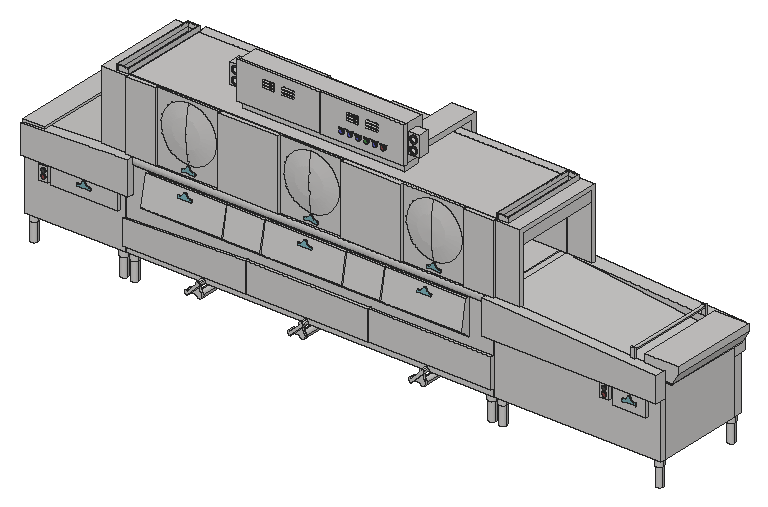
Revit family (continued)
Forms (in)
  Sweep 131, solid, material "QF_Finishes_Stainless Steel", visible <- "Cold Water Aqua Stat"
    path origin (-31.27862, 0, 0) x (0, 1, 0) y (0, 0, 1)
      loop
        line (-15.25, 6) -> (-8.5, 6)
    profile origin (-31.27862, -16.75, 8.25) x (1, 0, 0) y (0, 1, 0)
      loop
        circle (0, 0) r 0.375
      loop
        circle (0, 0) r 0.5
  Sweep 132, solid, material "QF_Finishes_Stainless Steel", visible <- "Cold Water Aqua Stat"
    path origin (146.72138, 0, 0) x (0, 1, 0) y (0, 0, 1)
      loop
        line (-16.75, 9) -> (-16.75, 7.5)
        arc (-16.75, 7.5) -> (-16.31066, 6.43934) -> (-15.25, 6) r 1.5
        line (-15.25, 6) -> (-8.5, 6)
    profile origin (146.72138, -16.75, 8.25) x (1, 0, 0) y (0, 1, 0)
      loop
        circle (0, 0) r 0.5
      loop
        circle (0, 0) r 0.625
  Extrusion 133, void
    sketch origin (6, -26, 0) x (1, 0, 0) y (0, 0, 1)
      loop
        circle (10.72138, 78.5) r 0.5
    from 0 to 0.25
  Extrusion 134, solid, material "QF_Finishes_Stainless Steel"
    sketch origin (0, -20.25, 0) x (1, 0, 0) y (0, 0, 1)
      loop
        circle (7.73519, 7) r 1
      loop
        circle (7.73519, 7) r 1.125
    from 0 to 21.5
  Extrusion 135, solid, material "QF_Finishes_Stainless Steel"
    sketch origin (23.48619, -20.25, 0) x (1, 0, 0) y (0, 0, 1)
      loop
        circle (21.23519, 7) r 1
      loop
        circle (21.23519, 7) r 1.125
    from 0 to 21.5
  Extrusion 136, solid, material "QF_Finishes_Stainless Steel"
    sketch origin (7.21533, -42, -3.41935) x (0.707107, 0, 0.707107) y (-0.707107, 0, 0.707107)
      loop
        arc (6.61019, 7) -> (7.73519, 5.875) -> (8.86019, 7) r 1.125
        arc (8.86019, 7) -> (9.29112, 8.22931) -> (10.48519, 8.75) r 1.62946
        line (10.48519, 8.75) -> (4.98519, 8.75)
        arc (4.98519, 8.75) -> (6.17925, 8.22931) -> (6.61019, 7) r 1.62946
    from -0.25 to 0.25
  Extrusion 137, solid, material "QF_Finishes_Stainless Steel"
    sketch origin (44.20152, -42, -3.41935) x (0.707107, 0, 0.707107) y (-0.707107, 0, 0.707107)
      loop
        line (4.73519, 8.75) -> (10.73519, 8.75)
        arc (10.73519, 8.75) -> (11.08874, 8.89645) -> (11.23519, 9.25) r 0.5
        line (11.23519, 9.25) -> (11.23519, 9.75)
        arc (11.23519, 9.75) -> (11.08874, 10.10355) -> (10.73519, 10.25) r 0.5
        line (10.73519, 10.25) -> (10.23519, 10.25)
        arc (10.23519, 10.25) -> (10.05841, 10.17678) -> (9.98519, 10) r 0.25
        line (9.98519, 10) -> (9.98519, 9.75) -> (5.48519, 9.75) -> (5.48519, 10)
        arc (5.48519, 10) -> (5.41196, 10.17678) -> (5.23519, 10.25) r 0.25
        line (5.23519, 10.25) -> (4.73519, 10.25)
        arc (4.73519, 10.25) -> (4.38163, 10.10355) -> (4.23519, 9.75) r 0.5
        line (4.23519, 9.75) -> (4.23519, 9.25)
        arc (4.23519, 9.25) -> (4.38163, 8.89645) -> (4.73519, 8.75) r 0.5
    from -1 to 1
  Extrusion 138, solid, material "QF_Finishes_Stainless Steel"
    sketch origin (44.20152, -42, -3.41935) x (0.707107, 0, 0.707107) y (-0.707107, 0, 0.707107)
      loop
        arc (6.61019, 7) -> (7.73519, 5.875) -> (8.86019, 7) r 1.125
        arc (8.86019, 7) -> (9.29112, 8.22931) -> (10.48519, 8.75) r 1.62946
        line (10.48519, 8.75) -> (4.98519, 8.75)
        arc (4.98519, 8.75) -> (6.17925, 8.22931) -> (6.61019, 7) r 1.62946
    from -0.25 to 0.25
  Extrusion 139, solid, material "QF_Finishes_Stainless Steel"
    sketch origin (73.25, -20.25, 0) x (1, 0, 0) y (0, 0, 1)
      loop
        circle (14.73519, 7) r 1
      loop
        circle (14.73519, 7) r 1.125
    from 0 to 21.5
  Extrusion 140, solid, material "QF_Finishes_Stainless Steel"
    sketch origin (87.46533, -42, -3.41935) x (0.707107, 0, 0.707107) y (-0.707107, 0, 0.707107)
      loop
        line (4.73519, 8.75) -> (10.73519, 8.75)
        arc (10.73519, 8.75) -> (11.08874, 8.89645) -> (11.23519, 9.25) r 0.5
        line (11.23519, 9.25) -> (11.23519, 9.75)
        arc (11.23519, 9.75) -> (11.08874, 10.10355) -> (10.73519, 10.25) r 0.5
        line (10.73519, 10.25) -> (10.23519, 10.25)
        arc (10.23519, 10.25) -> (10.05841, 10.17678) -> (9.98519, 10) r 0.25
        line (9.98519, 10) -> (9.98519, 9.75) -> (5.48519, 9.75) -> (5.48519, 10)
        arc (5.48519, 10) -> (5.41196, 10.17678) -> (5.23519, 10.25) r 0.25
        line (5.23519, 10.25) -> (4.73519, 10.25)
        arc (4.73519, 10.25) -> (4.38163, 10.10355) -> (4.23519, 9.75) r 0.5
        line (4.23519, 9.75) -> (4.23519, 9.25)
        arc (4.23519, 9.25) -> (4.38163, 8.89645) -> (4.73519, 8.75) r 0.5
    from -1 to 1
  Extrusion 141, solid, material "QF_Finishes_Stainless Steel"
    sketch origin (87.46533, -42, -3.41935) x (0.707107, 0, 0.707107) y (-0.707107, 0, 0.707107)
      loop
        arc (6.61019, 7) -> (7.73519, 5.875) -> (8.86019, 7) r 1.125
        arc (8.86019, 7) -> (9.29112, 8.22931) -> (10.48519, 8.75) r 1.62946
        line (10.48519, 8.75) -> (4.98519, 8.75)
        arc (4.98519, 8.75) -> (6.17925, 8.22931) -> (6.61019, 7) r 1.62946
    from -0.25 to 0.25
  Extrusion 142, solid, material "QF_Finishes_Stainless Steel"
    sketch origin (7.21533, -42, -3.41935) x (0.707107, 0, 0.707107) y (-0.707107, 0, 0.707107)
      loop
        line (4.73519, 8.75) -> (10.73519, 8.75)
        arc (10.73519, 8.75) -> (11.08874, 8.89645) -> (11.23519, 9.25) r 0.5
        line (11.23519, 9.25) -> (11.23519, 9.75)
        arc (11.23519, 9.75) -> (11.08874, 10.10355) -> (10.73519, 10.25) r 0.5
        line (10.73519, 10.25) -> (10.23519, 10.25)
        arc (10.23519, 10.25) -> (10.05841, 10.17678) -> (9.98519, 10) r 0.25
        line (9.98519, 10) -> (9.98519, 9.75) -> (5.48519, 9.75) -> (5.48519, 10)
        arc (5.48519, 10) -> (5.41196, 10.17678) -> (5.23519, 10.25) r 0.25
        line (5.23519, 10.25) -> (4.73519, 10.25)
        arc (4.73519, 10.25) -> (4.38163, 10.10355) -> (4.23519, 9.75) r 0.5
        line (4.23519, 9.75) -> (4.23519, 9.25)
        arc (4.23519, 9.25) -> (4.38163, 8.89645) -> (4.73519, 8.75) r 0.5
    from -1 to 1
  Extrusion 143, solid, material "QF_Finishes_Stainless Steel", visible <- "Feeder Line 2"
    sketch origin (6, -26, 0) x (1, 0, 0) y (0, 0, 1)
      loop
        circle (23.97138, 78.5) r 0.25
    from 0 to -0.0625
  Extrusion 144, solid, material "QF_Finishes_Stainless Steel", visible <- "Feeder Line 3"
    sketch origin (6.75, -26, 0) x (1, 0, 0) y (0, 0, 1)
      loop
        circle (23.97138, 78.5) r 0.25
    from 0 to -0.0625
  Extrusion 145, solid, material "QF_Finishes_Black", not visible
    sketch origin (0, -32.25, 0) x (1, 0, 0) y (0, 0, 1)
      loop
        circle (6.84638, 76.75) r 1.25
      loop
        circle (6.84638, 76.75) r 1
    from 0 to 0.25
  Extrusion 146, solid, material "QF_Finishes_White", not visible
    sketch origin (0, -32.25, 0) x (1, 0, 0) y (0, 0, 1)
      loop
        circle (6.84638, 76.75) r 1
    from 0 to 0.0625
  Extrusion 147, solid, material "QF_Finishes_Black", not visible
    sketch origin (33.66291, -34, -18.39967) x (1, 0, 0) y (0, 0, 1)
      loop
        line (19.62096, 91.02467) -> (17.62096, 91.02467) -> (17.62096, 90.77467) -> (19.62096, 90.77467) -> (19.62096, 91.02467)
      loop
        line (16.62096, 91.02467) -> (14.62096, 91.02467) -> (14.62096, 90.77467) -> (16.62096, 90.77467) -> (16.62096, 91.02467)
      loop
        line (20.62096, 91.02467) -> (20.62096, 90.77467) -> (22.62096, 90.77467) -> (22.62096, 91.02467) -> (20.62096, 91.02467)
      loop
        line (23.62096, 91.02467) -> (23.62096, 90.77467) -> (25.62096, 90.77467) -> (25.62096, 91.02467) -> (23.62096, 91.02467)
      loop
        line (13.62096, 91.02467) -> (11.62096, 91.02467) -> (11.62096, 90.77467) -> (13.62096, 90.77467) -> (13.62096, 91.02467)
      loop
        line (26.62096, 91.02467) -> (26.62096, 90.77467) -> (28.62096, 90.77467) -> (28.62096, 91.02467) -> (26.62096, 91.02467)
    from 0 to 0.25
  Extrusion 148, solid, material "QF_Finishes_Navy Blue", not visible
    sketch origin (34.03783, -34, -18.39967) x (1, 0, 0) y (0, 0, 1)
      loop
        circle (15.24605, 89.89967) r 0.625
    from 0.125 to 0.375
  Extrusion 149, solid, material "QF_Finishes_Navy Blue", not visible
    sketch origin (34.03783, -34, -18.39967) x (1, 0, 0) y (0, 0, 1)
      loop
        circle (18.24605, 89.89967) r 0.625
    from 0.125 to 0.375
  Extrusion 150, solid, material "QF_Finishes_LED Green", not visible
    sketch origin (34.03783, -34, -18.39967) x (1, 0, 0) y (0, 0, 1)
      loop
        circle (21.24605, 89.89967) r 0.625
    from 0.125 to 0.375
  Extrusion 151, solid, material "QF_Finishes_Navy Blue", not visible
    sketch origin (34.03783, -34, -18.39967) x (1, 0, 0) y (0, 0, 1)
      loop
        circle (24.24605, 89.89967) r 0.625
    from 0.125 to 0.375
  Extrusion 152, solid, material "QF_Finishes_Black", not visible
    sketch origin (34.03783, -34, -18.39967) x (1, 0, 0) y (0, 0, 1)
      loop
        line (15.99605, 89.89967) -> (15.99605, 90.77467) -> (14.49605, 90.77467) -> (14.49605, 89.89967)
        arc (14.49605, 89.89967) -> (15.24605, 89.14967) -> (15.99605, 89.89967) r 0.75
      loop
        line (18.99605, 89.89967) -> (18.99605, 90.77467) -> (17.49605, 90.77467) -> (17.49605, 89.89967)
        arc (17.49605, 89.89967) -> (18.24605, 89.14967) -> (18.99605, 89.89967) r 0.75
      loop
        line (21.99605, 89.89967) -> (21.99605, 90.77467) -> (20.49605, 90.77467) -> (20.49605, 89.89967)
        arc (20.49605, 89.89967) -> (21.24605, 89.14967) -> (21.99605, 89.89967) r 0.75
      loop
        line (24.99605, 89.89967) -> (24.99605, 90.77467) -> (23.49605, 90.77467) -> (23.49605, 89.89967)
        arc (23.49605, 89.89967) -> (24.24605, 89.14967) -> (24.99605, 89.89967) r 0.75
      loop
        line (12.99605, 89.89967) -> (12.99605, 90.77467) -> (11.49605, 90.77467) -> (11.49605, 89.89967)
        arc (11.49605, 89.89967) -> (12.24605, 89.14967) -> (12.99605, 89.89967) r 0.75
      loop
        line (27.99605, 89.89967) -> (27.99605, 90.77467) -> (26.49605, 90.77467) -> (26.49605, 89.89967)
        arc (26.49605, 89.89967) -> (27.24605, 89.14967) -> (27.99605, 89.89967) r 0.75
    from 0 to 0.125
  Extrusion 153, solid, material "QF_Finishes_Black", not visible
    sketch origin (0, -32.25, -3.5) x (1, 0, 0) y (0, 0, 1)
      loop
        circle (6.84638, 76.75) r 1.25
      loop
        circle (6.84638, 76.75) r 1
    from 0 to 0.25
  Extrusion 154, solid, material "QF_Finishes_White", not visible
    sketch origin (0, -32.25, -3.5) x (1, 0, 0) y (0, 0, 1)
      loop
        circle (6.84638, 76.75) r 1
    from 0 to 0.0625
  Extrusion 155, solid, material "QF_Finishes_Black", not visible
    sketch origin (63.875, -32.25, 0) x (1, 0, 0) y (0, 0, 1)
      loop
        circle (6.84638, 76.75) r 1.25
      loop
        circle (6.84638, 76.75) r 1
    from 0 to 0.25
  Extrusion 156, solid, material "QF_Finishes_White", not visible
    sketch origin (63.875, -32.25, 0) x (1, 0, 0) y (0, 0, 1)
      loop
        circle (6.84638, 76.75) r 1
    from 0 to 0.0625
  Extrusion 157, solid, material "QF_Finishes_Black", not visible
    sketch origin (63.875, -32.25, -3.5) x (1, 0, 0) y (0, 0, 1)
      loop
        circle (6.84638, 76.75) r 1.25
      loop
        circle (6.84638, 76.75) r 1
    from 0 to 0.25
  Extrusion 158, solid, material "QF_Finishes_White", not visible
    sketch origin (63.875, -32.25, -3.5) x (1, 0, 0) y (0, 0, 1)
      loop
        circle (6.84638, 76.75) r 1
    from 0 to 0.0625
  Extrusion 159, solid, material "QF_Finishes_Navy Blue", not visible
    sketch origin (31.03783, -34, -18.39967) x (1, 0, 0) y (0, 0, 1)
      loop
        circle (15.24605, 89.89967) r 0.625
    from 0.125 to 0.375
  Extrusion 160, solid, material "QF_Finishes_LED Red", not visible
    sketch origin (46.03783, -34, -18.39967) x (1, 0, 0) y (0, 0, 1)
      loop
        circle (15.24605, 89.89967) r 0.625
    from 0.125 to 0.375
  Extrusion 161, solid, material "QF_Finishes_Stainless Steel", not visible
    sketch origin (0, -73.14175, 10.44389) x (1, 0, 0) y (0, 0.5, 0.866025)
      loop
        line (48.28388, 77.875) -> (52.28388, 77.875)
        arc (52.28388, 77.875) -> (52.10082, 78.31694) -> (51.65888, 78.5) r 0.625
        line (51.65888, 78.5) -> (48.90888, 78.5)
        arc (48.90888, 78.5) -> (48.46693, 78.31694) -> (48.28388, 77.875) r 0.625
    from 0 to 0.125
  Extrusion 162, solid, material "QF_Finishes_Stainless Steel", not visible
    sketch origin (0, -73.14175, 9.44389) x (1, 0, 0) y (0, 0.5, 0.866025)
      loop
        line (48.28388, 77.875) -> (52.28388, 77.875)
        arc (52.28388, 77.875) -> (52.10082, 78.31694) -> (51.65888, 78.5) r 0.625
        line (51.65888, 78.5) -> (48.90888, 78.5)
        arc (48.90888, 78.5) -> (48.46693, 78.31694) -> (48.28388, 77.875) r 0.625
    from 0 to 0.125
  Extrusion 163, solid, material "QF_Finishes_Stainless Steel", not visible
    sketch origin (0, -73.14175, 8.44389) x (1, 0, 0) y (0, 0.5, 0.866025)
      loop
        line (48.28388, 77.875) -> (52.28388, 77.875)
        arc (52.28388, 77.875) -> (52.10082, 78.31694) -> (51.65888, 78.5) r 0.625
        line (51.65888, 78.5) -> (48.90888, 78.5)
        arc (48.90888, 78.5) -> (48.46693, 78.31694) -> (48.28388, 77.875) r 0.625
    from 0 to 0.125
  Extrusion 164, solid, material "QF_Finishes_Stainless Steel", not visible
    sketch origin (107.56775, -73.14175, 10.44389) x (-1, 0, 0) y (0, -0.5, -0.866025)
      loop
        arc (48.28388, -77.875) -> (48.46693, -78.31694) -> (48.90888, -78.5) r 0.625
        line (48.90888, -78.5) -> (51.65888, -78.5)
        arc (51.65888, -78.5) -> (52.10082, -78.31694) -> (52.28388, -77.875) r 0.625
        line (52.28388, -77.875) -> (48.28388, -77.875)
    from 0 to 0.125
  Extrusion 165, solid, material "QF_Finishes_Stainless Steel", not visible
    sketch origin (107.56775, -73.14175, 9.44389) x (-1, 0, 0) y (0, -0.5, -0.866025)
      loop
        arc (48.28388, -77.875) -> (48.46693, -78.31694) -> (48.90888, -78.5) r 0.625
        line (48.90888, -78.5) -> (51.65888, -78.5)
        arc (51.65888, -78.5) -> (52.10082, -78.31694) -> (52.28388, -77.875) r 0.625
        line (52.28388, -77.875) -> (48.28388, -77.875)
    from 0 to 0.125
  Extrusion 166, solid, material "QF_Finishes_Stainless Steel", not visible
    sketch origin (107.56775, -73.14175, 8.44389) x (-1, 0, 0) y (0, -0.5, -0.866025)
      loop
        arc (48.28388, -77.875) -> (48.46693, -78.31694) -> (48.90888, -78.5) r 0.625
        line (48.90888, -78.5) -> (51.65888, -78.5)
        arc (51.65888, -78.5) -> (52.10082, -78.31694) -> (52.28388, -77.875) r 0.625
        line (52.28388, -77.875) -> (48.28388, -77.875)
    from 0 to 0.125
  Extrusion 167, solid, material "QF_Finishes_Stainless Steel", not visible
    sketch origin (-30.125, -73.14175, 10.44389) x (1, 0, 0) y (0, 0.5, 0.866025)
      loop
        line (48.28388, 77.875) -> (52.28388, 77.875)
        arc (52.28388, 77.875) -> (52.10082, 78.31694) -> (51.65888, 78.5) r 0.625
        line (51.65888, 78.5) -> (48.90888, 78.5)
        arc (48.90888, 78.5) -> (48.46693, 78.31694) -> (48.28388, 77.875) r 0.625
    from 0 to 0.125
  Extrusion 168, solid, material "QF_Finishes_Stainless Steel", not visible
    sketch origin (-30.125, -73.14175, 9.44389) x (1, 0, 0) y (0, 0.5, 0.866025)
      loop
        line (48.28388, 77.875) -> (52.28388, 77.875)
        arc (52.28388, 77.875) -> (52.10082, 78.31694) -> (51.65888, 78.5) r 0.625
        line (51.65888, 78.5) -> (48.90888, 78.5)
        arc (48.90888, 78.5) -> (48.46693, 78.31694) -> (48.28388, 77.875) r 0.625
    from 0 to 0.125
  Extrusion 169, solid, material "QF_Finishes_Stainless Steel", not visible
    sketch origin (-30.125, -73.14175, 8.44389) x (1, 0, 0) y (0, 0.5, 0.866025)
      loop
        line (48.28388, 77.875) -> (52.28388, 77.875)
        arc (52.28388, 77.875) -> (52.10082, 78.31694) -> (51.65888, 78.5) r 0.625
        line (51.65888, 78.5) -> (48.90888, 78.5)
        arc (48.90888, 78.5) -> (48.46693, 78.31694) -> (48.28388, 77.875) r 0.625
    from 0 to 0.125
  Extrusion 170, solid, material "QF_Finishes_Stainless Steel", not visible
    sketch origin (77.44275, -73.14175, 10.44389) x (-1, 0, 0) y (0, -0.5, -0.866025)
      loop
        arc (48.28388, -77.875) -> (48.46693, -78.31694) -> (48.90888, -78.5) r 0.625
        line (48.90888, -78.5) -> (51.65888, -78.5)
        arc (51.65888, -78.5) -> (52.10082, -78.31694) -> (52.28388, -77.875) r 0.625
        line (52.28388, -77.875) -> (48.28388, -77.875)
    from 0 to 0.125
  Extrusion 171, solid, material "QF_Finishes_Stainless Steel", not visible
    sketch origin (77.44275, -73.14175, 9.44389) x (-1, 0, 0) y (0, -0.5, -0.866025)
      loop
        arc (48.28388, -77.875) -> (48.46693, -78.31694) -> (48.90888, -78.5) r 0.625
        line (48.90888, -78.5) -> (51.65888, -78.5)
        arc (51.65888, -78.5) -> (52.10082, -78.31694) -> (52.28388, -77.875) r 0.625
        line (52.28388, -77.875) -> (48.28388, -77.875)
    from 0 to 0.125
  Extrusion 172, solid, material "QF_Finishes_Stainless Steel", not visible
    sketch origin (77.44275, -73.14175, 8.44389) x (-1, 0, 0) y (0, -0.5, -0.866025)
      loop
        arc (48.28388, -77.875) -> (48.46693, -78.31694) -> (48.90888, -78.5) r 0.625
        line (48.90888, -78.5) -> (51.65888, -78.5)
        arc (51.65888, -78.5) -> (52.10082, -78.31694) -> (52.28388, -77.875) r 0.625
        line (52.28388, -77.875) -> (48.28388, -77.875)
    from 0 to 0.125
  Extrusion 173, solid, material "QF_Finishes_Stainless Steel", not visible
    sketch origin (0, -20.25, 0) x (1, 0, 0) y (0, 0, 1)
      loop
        circle (7.73519, 7) r 1
      loop
        circle (7.73519, 7) r 1.125
    from 0 to 21.5
  Extrusion 174, solid, material "QF_Finishes_Stainless Steel", not visible
    sketch origin (23.48619, -20.25, 0) x (1, 0, 0) y (0, 0, 1)
      loop
        circle (21.23519, 7) r 1
      loop
        circle (21.23519, 7) r 1.125
    from 0 to 21.5
  Extrusion 175, solid, material "QF_Finishes_Stainless Steel", not visible
    sketch origin (7.21533, -42, -3.41935) x (0.707107, 0, 0.707107) y (-0.707107, 0, 0.707107)
      loop
        arc (6.61019, 7) -> (7.73519, 5.875) -> (8.86019, 7) r 1.125
        arc (8.86019, 7) -> (9.29112, 8.22931) -> (10.48519, 8.75) r 1.62946
        line (10.48519, 8.75) -> (4.98519, 8.75)
        arc (4.98519, 8.75) -> (6.17925, 8.22931) -> (6.61019, 7) r 1.62946
    from -0.25 to 0.25
  Extrusion 176, solid, material "QF_Finishes_Stainless Steel", not visible
    sketch origin (44.20152, -42, -3.41935) x (0.707107, 0, 0.707107) y (-0.707107, 0, 0.707107)
      loop
        line (4.73519, 8.75) -> (10.73519, 8.75)
        arc (10.73519, 8.75) -> (11.08874, 8.89645) -> (11.23519, 9.25) r 0.5
        line (11.23519, 9.25) -> (11.23519, 9.75)
        arc (11.23519, 9.75) -> (11.08874, 10.10355) -> (10.73519, 10.25) r 0.5
        line (10.73519, 10.25) -> (10.23519, 10.25)
        arc (10.23519, 10.25) -> (10.05841, 10.17678) -> (9.98519, 10) r 0.25
        line (9.98519, 10) -> (9.98519, 9.75) -> (5.48519, 9.75) -> (5.48519, 10)
        arc (5.48519, 10) -> (5.41196, 10.17678) -> (5.23519, 10.25) r 0.25
        line (5.23519, 10.25) -> (4.73519, 10.25)
        arc (4.73519, 10.25) -> (4.38163, 10.10355) -> (4.23519, 9.75) r 0.5
        line (4.23519, 9.75) -> (4.23519, 9.25)
        arc (4.23519, 9.25) -> (4.38163, 8.89645) -> (4.73519, 8.75) r 0.5
    from -1 to 1
  Extrusion 177, solid, material "QF_Finishes_Stainless Steel", not visible
    sketch origin (44.20152, -42, -3.41935) x (0.707107, 0, 0.707107) y (-0.707107, 0, 0.707107)
      loop
        arc (6.61019, 7) -> (7.73519, 5.875) -> (8.86019, 7) r 1.125
        arc (8.86019, 7) -> (9.29112, 8.22931) -> (10.48519, 8.75) r 1.62946
        line (10.48519, 8.75) -> (4.98519, 8.75)
        arc (4.98519, 8.75) -> (6.17925, 8.22931) -> (6.61019, 7) r 1.62946
    from -0.25 to 0.25
  Extrusion 178, solid, material "QF_Finishes_Stainless Steel", not visible
    sketch origin (73.25, -20.25, 0) x (1, 0, 0) y (0, 0, 1)
      loop
        circle (14.73519, 7) r 1
      loop
        circle (14.73519, 7) r 1.125
    from 0 to 21.5
  Extrusion 179, solid, material "QF_Finishes_Stainless Steel", not visible
    sketch origin (87.46533, -42, -3.41935) x (0.707107, 0, 0.707107) y (-0.707107, 0, 0.707107)
      loop
        line (4.73519, 8.75) -> (10.73519, 8.75)
        arc (10.73519, 8.75) -> (11.08874, 8.89645) -> (11.23519, 9.25) r 0.5
        line (11.23519, 9.25) -> (11.23519, 9.75)
        arc (11.23519, 9.75) -> (11.08874, 10.10355) -> (10.73519, 10.25) r 0.5
        line (10.73519, 10.25) -> (10.23519, 10.25)
        arc (10.23519, 10.25) -> (10.05841, 10.17678) -> (9.98519, 10) r 0.25
        line (9.98519, 10) -> (9.98519, 9.75) -> (5.48519, 9.75) -> (5.48519, 10)
        arc (5.48519, 10) -> (5.41196, 10.17678) -> (5.23519, 10.25) r 0.25
        line (5.23519, 10.25) -> (4.73519, 10.25)
        arc (4.73519, 10.25) -> (4.38163, 10.10355) -> (4.23519, 9.75) r 0.5
        line (4.23519, 9.75) -> (4.23519, 9.25)
        arc (4.23519, 9.25) -> (4.38163, 8.89645) -> (4.73519, 8.75) r 0.5
    from -1 to 1
  Extrusion 180, solid, material "QF_Finishes_Stainless Steel", not visible
    sketch origin (87.46533, -42, -3.41935) x (0.707107, 0, 0.707107) y (-0.707107, 0, 0.707107)
      loop
        arc (6.61019, 7) -> (7.73519, 5.875) -> (8.86019, 7) r 1.125
        arc (8.86019, 7) -> (9.29112, 8.22931) -> (10.48519, 8.75) r 1.62946
        line (10.48519, 8.75) -> (4.98519, 8.75)
        arc (4.98519, 8.75) -> (6.17925, 8.22931) -> (6.61019, 7) r 1.62946
    from -0.25 to 0.25
  Extrusion 181, solid, material "QF_Finishes_Stainless Steel", not visible
    sketch origin (7.21533, -42, -3.41935) x (0.707107, 0, 0.707107) y (-0.707107, 0, 0.707107)
      loop
        line (4.73519, 8.75) -> (10.73519, 8.75)
        arc (10.73519, 8.75) -> (11.08874, 8.89645) -> (11.23519, 9.25) r 0.5
        line (11.23519, 9.25) -> (11.23519, 9.75)
        arc (11.23519, 9.75) -> (11.08874, 10.10355) -> (10.73519, 10.25) r 0.5
        line (10.73519, 10.25) -> (10.23519, 10.25)
        arc (10.23519, 10.25) -> (10.05841, 10.17678) -> (9.98519, 10) r 0.25
        line (9.98519, 10) -> (9.98519, 9.75) -> (5.48519, 9.75) -> (5.48519, 10)
        arc (5.48519, 10) -> (5.41196, 10.17678) -> (5.23519, 10.25) r 0.25
        line (5.23519, 10.25) -> (4.73519, 10.25)
        arc (4.73519, 10.25) -> (4.38163, 10.10355) -> (4.23519, 9.75) r 0.5
        line (4.23519, 9.75) -> (4.23519, 9.25)
        arc (4.23519, 9.25) -> (4.38163, 8.89645) -> (4.73519, 8.75) r 0.5
    from -1 to 1
  Extrusion 182, solid, material "QF_Finishes_Stainless Steel", visible <- "Swing Doors"
    sketch origin (0, 0, 65.5) x (0, 1, 0) y (-1, 0, 0)
      loop
        line (-38.25, -33.72138) -> (-39, -33.72138) -> (-39, -44.65888) -> (-38.25, -44.65888) -> (-38.25, -33.72138)
    from 0 to -24.875
  Extrusion 183, solid, material "QF_Finishes_Stainless Steel", visible <- "Swing Doors"
    sketch origin (0, 0, 65.5) x (0, 1, 0) y (-1, 0, 0)
      loop
        line (-38.25, -44.78388) -> (-39, -44.78388) -> (-39, -55.72138) -> (-38.25, -55.72138) -> (-38.25, -44.78388)
    from 0 to -24.875
  Extrusion 184, solid, material "QF_Finishes_Stainless Steel", visible <- "Swing Doors"
    sketch origin (0, 0, 65.5) x (0, 1, 0) y (-1, 0, 0)
      loop
        line (-38.25, -77.72138) -> (-39, -77.72138) -> (-39, -88.65888) -> (-38.25, -88.65888) -> (-38.25, -77.72138)
    from 0 to -24.875
  Extrusion 185, solid, material "QF_Finishes_Stainless Steel", visible <- "Swing Doors"
    sketch origin (0, 0, 65.5) x (0, 1, 0) y (-1, 0, 0)
      loop
        line (-38.25, -88.78388) -> (-39, -88.78388) -> (-39, -99.72138) -> (-38.25, -99.72138) -> (-38.25, -88.78388)
    from 0 to -24.875
  Extrusion 186, solid, material "QF_Finishes_Stainless Steel", visible <- "Swing Doors"
    sketch origin (1.64366, 34, 62.4375) x (0, 1, 0) y (-1, 0, 0)
      loop
        circle (-73.25, -31.82772) r 0.25
    from 0 to -3
  Extrusion 187, solid, material "QF_Finishes_Stainless Steel", visible <- "Swing Doors"
    sketch origin (1.64366, 34, 45.8125) x (0, 1, 0) y (-1, 0, 0)
      loop
        circle (-73.25, -31.82772) r 0.25
    from 0 to -3
  Sweep 188, solid, material "QF_Finishes_Stainless Steel", visible <- "Swing Doors"
    path origin (43.28388, 53.39484, 58) x (0, 1, 0) y (0, 0, 1)
      loop
        line (-92.39484, -0.9375) -> (-93.01984, -0.9375)
        arc (-93.01984, -0.9375) -> (-93.37339, -1.08395) -> (-93.51984, -1.4375) r 0.5
        line (-93.51984, -1.4375) -> (-93.51984, -9.6875)
        arc (-93.51984, -9.6875) -> (-93.37339, -10.04105) -> (-93.01984, -10.1875) r 0.5
        line (-93.01984, -10.1875) -> (-92.39484, -10.1875)
    profile origin (43.28388, -39.3125, 57.0625) x (0, 0, -1) y (1, 0, 0)
      loop
        circle (0, 0) r 0.375
  Extrusion 189, solid, material "QF_Finishes_Stainless Steel", visible <- "Swing Doors"
    sketch origin (37.64366, 34, 62.4375) x (0, 1, 0) y (-1, 0, 0)
      loop
        circle (-73.25, -18.32772) r 0.25
    from 0 to -3
  Extrusion 190, solid, material "QF_Finishes_Stainless Steel", visible <- "Swing Doors"
    sketch origin (37.64366, 34, 45.8125) x (0, 1, 0) y (-1, 0, 0)
      loop
        circle (-73.25, -18.32772) r 0.25
    from 0 to -3
  Extrusion 191, solid, material "QF_Finishes_Stainless Steel", visible <- "Swing Doors"
    sketch origin (45.64366, 34, 62.4375) x (0, 1, 0) y (-1, 0, 0)
      loop
        circle (-73.25, -31.82772) r 0.25
    from 0 to -3
  Extrusion 192, solid, material "QF_Finishes_Stainless Steel", visible <- "Swing Doors"
    sketch origin (45.64366, 34, 45.8125) x (0, 1, 0) y (-1, 0, 0)
      loop
        circle (-73.25, -31.82772) r 0.25
    from 0 to -3
  Extrusion 193, solid, material "QF_Finishes_Stainless Steel", visible <- "Swing Doors"
    sketch origin (81.64366, 34, 62.4375) x (0, 1, 0) y (-1, 0, 0)
      loop
        circle (-73.25, -18.32772) r 0.25
    from 0 to -3
  Extrusion 194, solid, material "QF_Finishes_Stainless Steel", visible <- "Swing Doors"
    sketch origin (81.64366, 34, 45.8125) x (0, 1, 0) y (-1, 0, 0)
      loop
        circle (-73.25, -18.32772) r 0.25
    from 0 to -3
  Sweep 195, solid, material "QF_Finishes_Stainless Steel", visible <- "Swing Doors"
    path origin (46.15888, 53.39484, 48) x (0, 1, 0) y (0, 0, 1)
      loop
        line (-92.39484, 9.0625) -> (-93.01984, 9.0625)
        arc (-93.01984, 9.0625) -> (-93.37339, 8.91605) -> (-93.51984, 8.5625) r 0.5
        line (-93.51984, 8.5625) -> (-93.51984, 0.3125)
        arc (-93.51984, 0.3125) -> (-93.37339, -0.04105) -> (-93.01984, -0.1875) r 0.5
        line (-93.01984, -0.1875) -> (-92.39484, -0.1875)
    profile origin (46.15888, -39.3125, 57.0625) x (0, 0, -1) y (1, 0, 0)
      loop
        circle (0, 0) r 0.375
  Sweep 196, solid, material "QF_Finishes_Stainless Steel", visible <- "Swing Doors"
    path origin (87.28388, 53.39484, 48) x (0, 1, 0) y (0, 0, 1)
      loop
        line (-92.39484, 9.0625) -> (-93.01984, 9.0625)
        arc (-93.01984, 9.0625) -> (-93.37339, 8.91605) -> (-93.51984, 8.5625) r 0.5
        line (-93.51984, 8.5625) -> (-93.51984, 0.3125)
        arc (-93.51984, 0.3125) -> (-93.37339, -0.04105) -> (-93.01984, -0.1875) r 0.5
        line (-93.01984, -0.1875) -> (-92.39484, -0.1875)
    profile origin (87.28388, -39.3125, 57.0625) x (0, 0, -1) y (1, 0, 0)
      loop
        circle (0, 0) r 0.375
  Sweep 197, solid, material "QF_Finishes_Stainless Steel", visible <- "Swing Doors"
    path origin (90.15888, 53.39484, 48) x (0, 1, 0) y (0, 0, 1)
      loop
        line (-92.39484, 9.0625) -> (-93.01984, 9.0625)
        arc (-93.01984, 9.0625) -> (-93.37339, 8.91605) -> (-93.51984, 8.5625) r 0.5
        line (-93.51984, 8.5625) -> (-93.51984, 0.3125)
        arc (-93.51984, 0.3125) -> (-93.37339, -0.04105) -> (-93.01984, -0.1875) r 0.5
        line (-93.01984, -0.1875) -> (-92.39484, -0.1875)
    profile origin (90.15888, -39.3125, 57.0625) x (0, 0, -1) y (1, 0, 0)
      loop
        circle (0, 0) r 0.375
  Extrusion 198, solid, material "QF_Finishes_Clearances", visible <- "Standard Doors", detail levels coarse
    sketch origin (0, 0, 65.5) x (0, 1, 0) y (-1, 0, 0)
      loop
        line (-38.25, -33.47138) -> (-39, -33.47138) -> (-39, -55.97138) -> (-38.25, -55.97138) -> (-38.25, -33.47138)
    from 0 to 28
  Extrusion 199, solid, material "QF_Finishes_Clearances", visible <- "Standard Doors", detail levels coarse
    sketch origin (44, 0, 65.5) x (0, 1, 0) y (-1, 0, 0)
      loop
        line (-38.25, -33.47138) -> (-39, -33.47138) -> (-39, -55.97138) -> (-38.25, -55.97138) -> (-38.25, -33.47138)
    from 0 to 28
  Sweep 200, solid, material "QF_Finishes_Stainless Steel", visible <- "Booster Heater"
    path origin (134.72138, 20.50153, 48) x (0, 1, 0) y (0, 0, 1)
      loop
        line (-37.25153, -39) -> (-37.25153, -40.5)
        arc (-37.25153, -40.5) -> (-36.81219, -41.56066) -> (-35.75153, -42) r 1.5
        line (-35.75153, -42) -> (-29.00153, -42)
    profile origin (134.72138, -16.75, 8.25) x (1, 0, 0) y (0, 1, 0)
      loop
        circle (0, 0) r 0.375
      loop
        circle (0, 0) r 0.5
  Extrusion 201, solid, material "QF_Finishes_Stainless Steel", visible <- "Booster Heater"
    sketch origin (92, -3, 0) x (1, 0, 0) y (0, 0, 1)
      loop
        circle (30.72138, 11) r 0.25
    from 0 to -0.0625
  Extrusion 202, solid, material "QF_Finishes_Stainless Steel"
    sketch origin (74.47138, 0, 0) x (0, 1, 0) y (0, 0, 1)
      loop
        line (-26, 68.5) -> (-1.75, 68.5) -> (-1.75, 18.25) -> (-3, 18.25) -> (-3, 16.5) -> (0, 16.5) -> (0, 70.25) -> (-26, 70.25) -> (-26, 68.5)
    from -1.25 to -9.75
  Extrusion 203, solid, material "QF_Finishes_Stainless Steel"
    sketch origin (-44, 0, 65.5) x (0, 1, 0) y (-1, 0, 0)
      loop
        line (-37.25, -33.47138) -> (-38.25, -33.47138) -> (-38.25, -55.97138) -> (-37.25, -55.97138) -> (-37.25, -33.47138)
    from 0 to -24.875
  Revolve 204, solid, material "QF_Finishes_Stainless Steel", visible <- "Standard Doors"
    sketch origin (0.72138, 87.64484, 48) x (0, 1, 0) y (0, 0, 1)
      loop
        line (-125.89484, 6.49826) -> (-125.89484, 16.49826)
        arc (-125.89484, 16.49826) -> (-126.65727, 11.52451) -> (-126.89484, 6.49826) r 48
        line (-126.89484, 6.49826) -> (-125.89484, 6.49826)
      axis (-125.89484, 6.49826) -> (-126.89484, 6.49826)
    angle from 0 to 360
  Extrusion 205, solid, material "QF_Finishes_Light Blue", visible <- "Standard Doors"
    sketch origin (-39.60634, -38.75, 10.99826) x (-1, 0, 0) y (0, 0, 1)
      loop
        line (-39.71645, 30.65632) -> (-38.08461, 30.57309)
        arc (-38.08461, 30.57309) -> (-37.90443, 30.64773) -> (-37.82979, 30.82792) r 0.25483
        line (-37.82979, 30.82792) -> (-37.82979, 31.31285)
        arc (-37.82979, 31.31285) -> (-37.90343, 31.49062) -> (-38.08121, 31.56426) r 0.25142
        arc (-38.08121, 31.56426) -> (-39.22593, 31.7803) -> (-39.90311, 32.72819) r 1.56264
        arc (-39.90311, 32.72819) -> (-40.31726, 33.06213) -> (-40.74741, 32.74907) r 0.43733
        arc (-40.74741, 32.74907) -> (-41.42049, 31.78611) -> (-42.57423, 31.56426) r 1.56264
        arc (-42.57423, 31.56426) -> (-42.75201, 31.49062) -> (-42.82565, 31.31285) r 0.25142
        line (-42.82565, 31.31285) -> (-42.82565, 30.82792)
        arc (-42.82565, 30.82792) -> (-42.75101, 30.64773) -> (-42.57082, 30.57309) r 0.25483
        line (-42.57082, 30.57309) -> (-40.93898, 30.65632)
        arc (-40.93898, 30.65632) -> (-40.32772, 30.6719) -> (-39.71645, 30.65632) r 12
    from 0.5 to 0.4375
  Extrusion 206, solid, material "QF_Finishes_Stainless Steel", visible <- "Swing Doors"
    sketch origin (-44, 0, 65.5) x (0, 1, 0) y (-1, 0, 0)
      loop
        line (-38.25, -33.72138) -> (-39, -33.72138) -> (-39, -44.65888) -> (-38.25, -44.65888) -> (-38.25, -33.72138)
    from 0 to -24.875
  Extrusion 207, solid, material "QF_Finishes_Stainless Steel", visible <- "Swing Doors"
    sketch origin (-44, 0, 65.5) x (0, 1, 0) y (-1, 0, 0)
      loop
        line (-38.25, -44.78388) -> (-39, -44.78388) -> (-39, -55.72138) -> (-38.25, -55.72138) -> (-38.25, -44.78388)
    from 0 to -24.875
  Extrusion 208, solid, material "QF_Finishes_Stainless Steel", visible <- "Swing Doors"
    sketch origin (-42.35634, 34, 62.4375) x (0, 1, 0) y (-1, 0, 0)
      loop
        circle (-73.25, -31.82772) r 0.25
    from 0 to -3
  Extrusion 209, solid, material "QF_Finishes_Stainless Steel", visible <- "Swing Doors"
    sketch origin (-42.35634, 34, 45.8125) x (0, 1, 0) y (-1, 0, 0)
      loop
        circle (-73.25, -31.82772) r 0.25
    from 0 to -3
  Sweep 210, solid, material "QF_Finishes_Stainless Steel", visible <- "Swing Doors"
    path origin (-0.71612, 53.39484, 58) x (0, 1, 0) y (0, 0, 1)
      loop
        line (-92.39484, -0.9375) -> (-93.01984, -0.9375)
        arc (-93.01984, -0.9375) -> (-93.37339, -1.08395) -> (-93.51984, -1.4375) r 0.5
        line (-93.51984, -1.4375) -> (-93.51984, -9.6875)
        arc (-93.51984, -9.6875) -> (-93.37339, -10.04105) -> (-93.01984, -10.1875) r 0.5
        line (-93.01984, -10.1875) -> (-92.39484, -10.1875)
    profile origin (-0.71612, -39.3125, 57.0625) x (0, 0, -1) y (1, 0, 0)
      loop
        circle (0, 0) r 0.375
  Extrusion 211, solid, material "QF_Finishes_Stainless Steel", visible <- "Swing Doors"
    sketch origin (-6.35634, 34, 62.4375) x (0, 1, 0) y (-1, 0, 0)
      loop
        circle (-73.25, -18.32772) r 0.25
    from 0 to -3
  Extrusion 212, solid, material "QF_Finishes_Stainless Steel", visible <- "Swing Doors"
    sketch origin (-6.35634, 34, 45.8125) x (0, 1, 0) y (-1, 0, 0)
      loop
        circle (-73.25, -18.32772) r 0.25
    from 0 to -3
  Sweep 213, solid, material "QF_Finishes_Stainless Steel", visible <- "Swing Doors"
    path origin (2.15888, 53.39484, 48) x (0, 1, 0) y (0, 0, 1)
      loop
        line (-92.39484, 9.0625) -> (-93.01984, 9.0625)
        arc (-93.01984, 9.0625) -> (-93.37339, 8.91605) -> (-93.51984, 8.5625) r 0.5
        line (-93.51984, 8.5625) -> (-93.51984, 0.3125)
        arc (-93.51984, 0.3125) -> (-93.37339, -0.04105) -> (-93.01984, -0.1875) r 0.5
        line (-93.01984, -0.1875) -> (-92.39484, -0.1875)
    profile origin (2.15888, -39.3125, 57.0625) x (0, 0, -1) y (1, 0, 0)
      loop
        circle (0, 0) r 0.375
  Extrusion 214, solid, material "QF_Finishes_Clearances", visible <- "Standard Doors", detail levels coarse
    sketch origin (-44, 0, 65.5) x (0, 1, 0) y (-1, 0, 0)
      loop
        line (-38.25, -33.47138) -> (-39, -33.47138) -> (-39, -55.97138) -> (-38.25, -55.97138) -> (-38.25, -33.47138)
    from 0 to 28
  Extrusion 215, solid, material "QF_Finishes_Light Blue", visible <- "Standard Doors"
    sketch origin (48.39366, -38.75, 10.99826) x (-1, 0, 0) y (0, 0, 1)
      loop
        line (-39.71645, 30.65632) -> (-38.08461, 30.57309)
        arc (-38.08461, 30.57309) -> (-37.90443, 30.64773) -> (-37.82979, 30.82792) r 0.25483
        line (-37.82979, 30.82792) -> (-37.82979, 31.31285)
        arc (-37.82979, 31.31285) -> (-37.90343, 31.49062) -> (-38.08121, 31.56426) r 0.25142
        arc (-38.08121, 31.56426) -> (-39.22593, 31.7803) -> (-39.90311, 32.72819) r 1.56264
        arc (-39.90311, 32.72819) -> (-40.31726, 33.06213) -> (-40.74741, 32.74907) r 0.43733
        arc (-40.74741, 32.74907) -> (-41.42049, 31.78611) -> (-42.57423, 31.56426) r 1.56264
        arc (-42.57423, 31.56426) -> (-42.75201, 31.49062) -> (-42.82565, 31.31285) r 0.25142
        line (-42.82565, 31.31285) -> (-42.82565, 30.82792)
        arc (-42.82565, 30.82792) -> (-42.75101, 30.64773) -> (-42.57082, 30.57309) r 0.25483
        line (-42.57082, 30.57309) -> (-40.93898, 30.65632)
        arc (-40.93898, 30.65632) -> (-40.32772, 30.6719) -> (-39.71645, 30.65632) r 12
    from 0.5 to 0.4375
Cuts and joins
  Extrusion 27 cuts Extrusion 24
  Extrusion 27 cuts Extrusion 25
  Extrusion 31 cuts Extrusion 28
  Extrusion 31 cuts Extrusion 29
  Extrusion 133 cuts Extrusion 95
  Extrusion 133 cuts Extrusion 96
Lines and regions (in)
  symbolic lines
    curve 1: line (-57.40362, -1.5, 65.5) -> (-18.77862, -1.5, 65.5)
    curve 2: line (-57.40362, -3, 65.5) -> (64.72138, -3, 65.5)
    curve 3: line (170.72138, -41, 65.5) -> (170.72138, -1.5, 65.5)
    curve 4: line (170.72138, -1.5, 65.5) -> (108.22138, -1.5, 65.5)
    curve 5: line (108.22138, -1.5, 65.5) -> (108.22138, -3, 65.5)
    curve 6: line (-57.40362, -1.5, 65.5) -> (-57.40362, -41, 65.5)
    curve 7: line (-57.40362, -41, 65.5) -> (-18.77862, -41, 65.5)
    curve 8: line (-18.77862, -41, 65.5) -> (-18.77862, -39, 65.5)
    curve 9: line (110.72138, -39, 65.5) -> (-49.40362, -39, 65.5)
    curve 10: line (-57.40362, -39.875, 65.5) -> (-49.40362, -39.875, 65.5)
    curve 11: line (-49.40362, -39.875, 65.5) -> (-49.40362, -3.375, 65.5)
    curve 12: line (-49.40362, -3.375, 65.5) -> (-57.40362, -3.375, 65.5)
    curve 13: line (-49.40362, -6, 65.5) -> (-30.27862, -6, 65.5)
    curve 14: line (-21.27862, -3, 65.5) -> (-21.27862, -39, 65.5)
    curve 15: line (-21.27862, -5, 65.5) -> (-30.27862, -5, 65.5)
    curve 16: line (-30.27862, -5, 65.5) -> (-30.27862, -38.25, 65.5)
    curve 17: line (-30.27862, -38.25, 65.5) -> (-21.27862, -38.25, 65.5)
    curve 18: line (-21.27862, -37.25, 65.5) -> (-25.40362, -37.25, 65.5)
    curve 19: line (-25.40362, -37.25, 65.5) -> (-25.40362, -6, 65.5)
    curve 20: line (-25.40362, -6, 65.5) -> (-21.27862, -6, 65.5)
    curve 21: line (23.22138, -3, 65.5) -> (23.22138, -4, 65.5)
    curve 22: line (23.22138, -4, 65.5) -> (45.72138, -4, 65.5)
    curve 23: line (45.72138, -4, 65.5) -> (45.72138, -3, 65.5)
    curve 24: line (108.22138, -41, 65.5) -> (170.72138, -41, 65.5)
    curve 25: line (170.72138, -37.25, 65.5) -> (119.72138, -37.25, 65.5)
    curve 26: line (119.72138, -37.25, 65.5) -> (119.72138, -38.25, 65.5)
    curve 27: line (119.72138, -38.25, 65.5) -> (110.72138, -38.25, 65.5)
    curve 28: line (110.72138, -39, 65.5) -> (110.72138, -3, 65.5)
    curve 29: line (108.22138, -39, 65.5) -> (108.22138, -41, 65.5)
    curve 30: line (110.72138, -37.25, 65.5) -> (114.84638, -37.25, 65.5)
    curve 31: line (114.84638, -37.25, 65.5) -> (114.84638, -6, 65.5)
    curve 32: line (114.84638, -6, 65.5) -> (110.72138, -6, 65.5)
    curve 33: line (110.72138, -5, 65.5) -> (119.72138, -5, 65.5)
    curve 34: line (119.72138, -5, 65.5) -> (119.72138, -37.25, 65.5)
    curve 35: line (101.72138, -39, 65.5) -> (101.72138, -42, 65.5)
    curve 36: line (101.72138, -42, 65.5) -> (72.72138, -42, 65.5)
    curve 37: line (72.72138, -42, 65.5) -> (72.72138, -39, 65.5)
    curve 38: line (72.47138, -38.93512, 65.5) -> (72.47138, -42, 65.5)
    curve 39: line (72.47138, -42, 65.5) -> (58.97138, -42, 65.5)
    curve 40: line (58.97138, -42, 65.5) -> (58.97138, -39, 65.5)
    curve 41: line (58.72138, -39, 65.5) -> (58.72138, -42, 65.5)
    curve 42: line (58.72138, -42, 65.5) -> (29.72138, -42, 65.5)
    curve 43: line (29.72138, -42, 65.5) -> (29.72138, -39, 65.5)
    curve 44: line (29.47138, -39, 65.5) -> (29.47138, -42, 65.5)
    curve 45: line (29.47138, -42, 65.5) -> (15.97138, -42, 65.5)
    curve 46: line (15.97138, -42, 65.5) -> (15.97138, -39, 65.5)
    curve 47: line (15.72138, -39, 65.5) -> (15.72138, -42, 65.5)
    curve 48: line (15.72138, -42, 65.5) -> (-13.27862, -42, 65.5)
    curve 49: line (-13.27862, -42, 65.5) -> (-13.27862, -39, 65.5)
    curve 56: line (14.72138, -34, 65.5) -> (74.72138, -34, 65.5)
    curve 57: line (74.72138, -34, 65.5) -> (74.72138, -33, 65.5)
    curve 58: line (74.72138, -33, 65.5) -> (14.72138, -33, 65.5)
    curve 59: line (14.72138, -33, 65.5) -> (14.72138, -34, 65.5)
    curve 60: line (14.97138, -33, 65.5) -> (14.97138, -26, 65.5)
    curve 61: line (14.97138, -26, 65.5) -> (74.47138, -26, 65.5)
    curve 62: line (74.47138, -26, 65.5) -> (74.47138, -33, 65.5)
    curve 63: line (74.47138, -28.25, 65.5) -> (78.72138, -28.25, 65.5)
    curve 64: line (78.72138, -28.25, 65.5) -> (78.72138, -32.25, 65.5)
    curve 65: line (78.72138, -32.25, 65.5) -> (74.47138, -32.25, 65.5)
    curve 66: line (14.97138, -28.25, 65.5) -> (10.72138, -28.25, 65.5)
    curve 67: line (10.72138, -28.25, 65.5) -> (10.72138, -32.25, 65.5)
    curve 68: line (10.72138, -32.25, 65.5) -> (14.97138, -32.25, 65.5)
    curve 101: line (-18.77862, -1.5, 65.5) -> (-18.77862, -3, 65.5)
    curve 102: line (158.97138, -37.25, 65.5) -> (158.97138, -37.75, 65.5)
    curve 103: line (158.97138, -37.75, 65.5) -> (160.47138, -37.75, 65.5)
    curve 104: line (160.47138, -37.75, 65.5) -> (160.47138, -37.25, 65.5)
    curve 105: line (160.22138, -37.25, 65.5) -> (160.22138, -6, 65.5)
    curve 106: line (160.47138, -6, 65.5) -> (160.47138, -5.5, 65.5)
    curve 107: line (160.47138, -5.5, 65.5) -> (158.97138, -5.5, 65.5)
    curve 108: line (158.97138, -5.5, 65.5) -> (158.97138, -6, 65.5)
    curve 109: line (159.22138, -6, 65.5) -> (159.22138, -37.25, 65.5)
    curve 110: line (170.72138, -6, 65.5) -> (119.72138, -6, 65.5)
    curve 115: line (173.22138, -6, 65.5) -> (173.22138, -37.25, 65.5)
    curve 116: line (170.72138, -6, 65.5) -> (173.22138, -6, 65.5)
    curve 117: line (173.22138, -37.25, 65.5) -> (170.72138, -37.25, 65.5)
    curve 118: line (-57.40362, -6, 65.5) -> (-59.90362, -6, 65.5)
    curve 119: line (-59.90362, -6, 65.5) -> (-59.90362, -37.25, 65.5)
    curve 120: line (-59.90362, -37.25, 65.5) -> (-57.40362, -37.25, 65.5)
    curve 143: line (64.72138, -26, 65.5) -> (64.72138, 0, 65.5)
    curve 144: line (64.72138, 0, 65.5) -> (73.22138, 0, 65.5)
    curve 145: line (73.22138, 0, 65.5) -> (73.22138, -26, 65.5)
    curve 146: line (73.22138, -3, 65.5) -> (170.72138, -3, 65.5)
  symbolic lines, visible <- "Standard Doors"
    curve 50: line (33.47138, -39, 65.5) -> (33.47138, -38.25, 65.5)
    curve 51: line (33.47138, -38.25, 65.5) -> (55.97138, -38.25, 65.5)
    curve 52: line (55.97138, -38.25, 65.5) -> (55.97138, -39, 65.5)
    curve 53: line (77.47138, -39, 65.5) -> (77.47138, -38.25, 65.5)
    curve 54: line (77.47138, -38.25, 65.5) -> (99.97138, -38.25, 65.5)
    curve 55: line (99.97138, -38.25, 65.5) -> (99.97138, -39, 65.5)
    curve 124: line (-10.52862, -39, 65.5) -> (-10.52862, -38.25, 65.5)
    curve 125: line (-10.52862, -38.25, 65.5) -> (11.97138, -38.25, 65.5)
    curve 126: line (11.97138, -38.25, 65.5) -> (11.97138, -39, 65.5)
  symbolic lines, visible <- "Swing Doors"
    curve 69: line (43.65888, -39, 65.5) -> (43.65888, -40.125, 65.5)
    curve 70: line (42.90888, -39, 65.5) -> (42.90888, -40.125, 65.5)
    curve 71: arc (42.90888, -40.125, 65.5) -> (43.28388, -40.5, 65.5) -> (43.65888, -40.125, 65.5) r 0.375
    curve 72: line (45.78388, -39, 65.5) -> (45.78388, -40.125, 65.5)
    curve 73: line (46.53388, -39, 65.5) -> (46.53388, -40.125, 65.5)
    curve 74: arc (46.53388, -40.125, 65.5) -> (46.15888, -40.5, 65.5) -> (45.78388, -40.125, 65.5) r 0.375
    curve 75: line (86.90888, -39, 65.5) -> (86.90888, -40.125, 65.5)
    curve 76: line (87.65888, -39, 65.5) -> (87.65888, -40.125, 65.5)
    curve 77: arc (87.65888, -40.125, 65.5) -> (87.28388, -40.5, 65.5) -> (86.90888, -40.125, 65.5) r 0.375
    curve 78: line (89.78388, -39, 65.5) -> (89.78388, -40.125, 65.5)
    curve 79: line (90.53388, -39, 65.5) -> (90.53388, -40.125, 65.5)
    curve 80: arc (90.53388, -40.125, 65.5) -> (90.15888, -40.5, 65.5) -> (89.78388, -40.125, 65.5) r 0.375
    curve 82: line (44.65888, -38.25, 65.5) -> (44.65888, -39, 65.5)
    curve 83: line (44.78388, -38.25, 65.5) -> (44.78388, -39, 65.5)
    curve 84: line (44.65888, -38.25, 65.5) -> (33.47138, -38.25, 65.5)
    curve 85: line (33.47138, -39, 65.5) -> (33.47138, -38.25, 65.5)
    curve 86: line (44.78388, -38.25, 65.5) -> (55.97138, -38.25, 65.5)
    curve 87: line (55.97138, -38.25, 65.5) -> (55.97138, -39, 65.5)
    curve 91: line (77.47138, -39, 65.5) -> (77.47138, -38.25, 65.5)
    curve 92: line (77.47138, -38.25, 65.5) -> (88.65888, -38.25, 65.5)
    curve 93: line (88.65888, -38.25, 65.5) -> (88.65888, -39, 65.5)
    curve 94: line (88.78388, -39, 65.5) -> (88.78388, -38.25, 65.5)
    curve 95: line (88.78388, -38.25, 65.5) -> (99.97138, -38.25, 65.5)
    curve 96: line (99.97138, -38.25, 65.5) -> (99.97138, -39, 65.5)
    curve 127: line (-0.34112, -39, 65.5) -> (-0.34112, -40.125, 65.5)
    curve 128: line (-1.09112, -39, 65.5) -> (-1.09112, -40.125, 65.5)
    curve 129: arc (-1.09112, -40.125, 65.5) -> (-0.71612, -40.5, 65.5) -> (-0.34112, -40.125, 65.5) r 0.375
    curve 130: line (1.78388, -39, 65.5) -> (1.78388, -40.125, 65.5)
    curve 131: line (2.53388, -39, 65.5) -> (2.53388, -40.125, 65.5)
    curve 132: arc (2.53388, -40.125, 65.5) -> (2.15888, -40.5, 65.5) -> (1.78388, -40.125, 65.5) r 0.375
    curve 134: line (0.65888, -38.25, 65.5) -> (0.65888, -39, 65.5)
    curve 135: line (0.78388, -38.25, 65.5) -> (0.78388, -39, 65.5)
    curve 136: line (0.65888, -38.25, 65.5) -> (-10.52862, -38.25, 65.5)
    curve 137: line (-10.52862, -39, 65.5) -> (-10.52862, -38.25, 65.5)
    curve 138: line (0.78388, -38.25, 65.5) -> (11.97138, -38.25, 65.5)
    curve 139: line (11.97138, -38.25, 65.5) -> (11.97138, -39, 65.5)
  symbolic lines, style "QF_Clearances", visible <- "Swing Doors", detail levels coarse
    curve 81: line (33.47138, -39, 65.5) -> (33.47138, -50.1875, 65.5)
    curve 88: arc (33.47138, -50.1875, 65.5) -> (41.38213, -46.91076, 65.5) -> (44.65888, -39, 65.5) r 11.1875
    curve 89: line (55.97138, -39, 65.5) -> (55.97138, -50.1875, 65.5)
    curve 90: arc (55.97138, -50.1875, 65.5) -> (48.06062, -46.91076, 65.5) -> (44.78388, -39, 65.5) r 11.1875
    curve 97: line (77.47138, -50.1875, 65.5) -> (77.47138, -39, 65.5)
    curve 98: arc (77.47138, -50.1875, 65.5) -> (85.38213, -46.91076, 65.5) -> (88.65888, -39, 65.5) r 11.1875
    curve 99: line (99.97138, -50.1875, 65.5) -> (99.97138, -39, 65.5)
    curve 100: arc (99.97138, -50.1875, 65.5) -> (92.06062, -46.91076, 65.5) -> (88.78388, -39, 65.5) r 11.1875
    curve 133: line (-10.52862, -39, 65.5) -> (-10.52862, -50.1875, 65.5)
    curve 140: arc (-10.52862, -50.1875, 65.5) -> (-2.61787, -46.91076, 65.5) -> (0.65888, -39, 65.5) r 11.1875
    curve 141: line (11.97138, -39, 65.5) -> (11.97138, -50.1875, 65.5)
    curve 142: arc (11.97138, -50.1875, 65.5) -> (4.06062, -46.91076, 65.5) -> (0.78388, -39, 65.5) r 11.1875
  symbolic lines, visible <- "Unload Removable Cover"
    curve 111: line (170.72138, -6, 65.5) -> (175.72138, -6, 65.5)
    curve 112: line (175.72138, -6, 65.5) -> (175.72138, -37.25, 65.5)
    curve 113: line (175.72138, -37.25, 65.5) -> (170.72138, -37.25, 65.5)
    curve 114: line (163.72138, -37.25, 65.5) -> (163.72138, -6, 65.5)
  symbolic lines, style "QF_Surface Details"
    curve 121: line (11.45902, -13.95855, 52.4375) -> (40.45902, -13.95855, 52.4375)
    curve 122: line (40.45902, -13.95855, 52.4375) -> (35.95902, -11.46416, 52.4375)
    curve 123: line (40.45902, -13.95855, 52.4375) -> (35.95902, -16.45294, 52.4375)
Dimensions and locks (in)
  "Depth": plane 5 "FRONT" to plane 1 "BACK"
  "Power Scrapper Width": plane 3 "LEFT" to plane 6 "Right of Power Scrapper"
  "Power Wash Width": plane 6 "Right of Power Scrapper" to plane 7 "Right of Power Wash"
  "Final Rinse Width": plane 7 "Right of Power Wash" to plane 4 "RIGHT"
  locked: plane 8 "Load Vent" to plane 3 "LEFT" at 9
  locked: plane 4 "RIGHT" to plane 9 "Unload Vent" at 9
  locked: plane 10 "Top of Machine" to level at 65.5
  locked: plane 11 "Table Height" to level at 34
  locked: plane 13 "Middle of Machine" to level at 40.625
  locked: plane 3 "LEFT" to plane 14 "Left of Bottom" at 2.5
  locked: plane 15 "Right of Bottom" to plane 4 "RIGHT" at 2.5
  locked: plane 12 "Bottom of Machine" to level at 9
  locked: plane 16 to plane 17 at 0.375
  locked: plane 17 to plane 18 at 13.25
  locked: plane 13 "Middle of Machine" to plane 16 at 2.5
  locked: plane 18 to plane 19 at 2.25
  locked: plane 19 to plane 20 at 10.75
  locked: plane 21 "Back of Main Body" to plane 1 "BACK" at 3
  locked: plane 5 "FRONT" to plane 22 "Front of Main Body" at 3
  equal spacing: plane 3 "LEFT", plane 23, plane 6 "Right of Power Scrapper"
  equal spacing: plane 6 "Right of Power Scrapper", plane 24, plane 7 "Right of Power Wash"
  equal spacing: plane 7 "Right of Power Wash", plane 25, plane 4 "RIGHT"
  equal spacing: plane 26, plane 24, plane 27
  equal spacing: plane 28, plane 25, plane 29
  "Power Wash Door": plane 26 to plane 27
  "Power Rinse Door": plane 28 to plane 29
  locked: plane 22 "Front of Main Body" to plane 30 "Front of Inside" at 1.75
  locked: plane 31 "Back of Inside" to plane 21 "Back of Main Body" at 3
  locked: plane 3 "LEFT" to plane 32 at 44.5
  locked: plane 32 to plane 33 at 22.5
  plane 14 "Left of Bottom" to plane 34 = 0' - 5 1/2"
  locked: plane 34 to plane 35 at 29
  locked: plane 35 to plane 36 at 14
  locked: plane 36 to plane 37 at 29
  locked: plane 39 to plane 36 at 0.25
  locked: plane 37 to plane 40 at 0.25
  plane 43 to plane 7 "Right of Power Wash" to plane 44 = 0' - 0 1/8" locked, 0' - 0 1/8" locked
  plane 41 to plane 6 "Right of Power Scrapper" to plane 42 = 0' - 0 1/8" locked, 0' - 0 1/8" locked
  locked: plane 10 "Top of Machine" to plane 45 at 5.25
  locked: plane 46 to plane 10 "Top of Machine" at 1.75
  locked: plane 48 to plane 47 at 4
  locked: plane 47 to plane 3 "LEFT" at 0.125
  locked: plane 50 to plane 49 at 4
  locked: plane 4 "RIGHT" to plane 50 at 0.125
  "Load Section Width": plane 51 to plane 3 "LEFT"
  locked: plane 52 to plane 51 at 2.5
  locked: plane 53 to plane 51 at 1
  plane 51 to plane 54 = 0' - 8"
  locked: plane 13 "Middle of Machine" to plane 55 at 12.125
  locked: plane 55 to plane 56 at 0.5
  locked: plane 56 to plane 57 at 6
  locked: plane 58 to plane 59 at 24
  "ONOFF Switch": plane 51 to plane 61
  locked: plane 61 to plane 60 at 3
  locked: Extrusion 52 sketch curve to plane 61 at 1.5
  locked: Extrusion 53 sketch curve to plane 61 at 1.5
  locked: Extrusion 50 sketch curve to plane 58 at 9.50172
  locked: plane 59 to Extrusion 50 sketch curve at 9.50242
  locked: plane 59 to plane 3 "LEFT" at 2.125
  "Unload Section Width": plane 4 "RIGHT" to plane 62
  locked: plane 62 to plane 63 at 1
  locked: plane 62 to plane 64 at 2.5
  locked: plane 62 to plane 65 at 5
  locked: plane 66 to plane 65 at 12
  locked: plane 67 to plane 62 at 11
  Extrusion 62 sketch curve to plane 67 to Extrusion 62 sketch curve = 0' - 0 3/4" locked, 0' - 0 3/4" locked
  Extrusion 63 sketch curve to plane 67 to Extrusion 63 sketch curve = 0' - 0 3/4" locked, 0' - 0 3/4" locked
  locked: plane 69 to plane 68 at 12
  locked: plane 68 to plane 62 at 4.5
  locked: Extrusion 66 sketch curve to plane 69 at 3.50172
  locked: plane 68 to Extrusion 66 sketch curve at 3.50242
  locked: plane 70 to plane 69 at 1.5
  locked: plane 71 to plane 70 at 3
  locked: plane 56 to Extrusion 67 sketch curve at 5
  locked: Extrusion 68 sketch curve to plane 71 at 1.5
  locked: Extrusion 69 sketch curve to plane 71 at 1.5
  plane 22 "Front of Main Body" to plane 21 "Back of Main Body" = 3' - 0"
  locked: Extrusion 70 sketch curve to plane 21 "Back of Main Body" at 1.9375
  locked: plane 51 to Extrusion 70 sketch curve at 1.9375
  locked: plane 51 to Extrusion 71 sketch curve at 1.9375
  locked: Extrusion 71 sketch curve to plane 21 "Back of Main Body" at 1.9375
  locked: plane 51 to Extrusion 72 sketch curve at 1.9375
  locked: plane 22 "Front of Main Body" to Extrusion 72 sketch curve at 1.9375
  locked: plane 51 to Extrusion 73 sketch curve at 1.9375
  locked: plane 22 "Front of Main Body" to Extrusion 73 sketch curve at 1.9375
  locked: Extrusion 74 sketch curve to plane 3 "LEFT" at 1.9375
  locked: Extrusion 74 sketch curve to plane 21 "Back of Main Body" at 1.9375
  locked: Extrusion 75 sketch curve to plane 3 "LEFT" at 1.9375
  locked: Extrusion 75 sketch curve to plane 21 "Back of Main Body" at 1.9375
  locked: Extrusion 76 sketch curve to plane 3 "LEFT" at 1.9375
  locked: plane 22 "Front of Main Body" to Extrusion 76 sketch curve at 1.9375
  locked: Extrusion 77 sketch curve to plane 3 "LEFT" at 1.9375
  locked: plane 22 "Front of Main Body" to Extrusion 77 sketch curve at 1.9375
  locked: plane 3 "LEFT" to Extrusion 80 sketch curve at 1.9375
  locked: plane 22 "Front of Main Body" to Extrusion 80 sketch curve at 1.9375
  locked: plane 22 "Front of Main Body" to Extrusion 81 sketch curve at 1.9375
  locked: plane 3 "LEFT" to Extrusion 81 sketch curve at 1.9375
  locked: plane 3 "LEFT" to Extrusion 79 sketch curve at 1.9375
  locked: Extrusion 79 sketch curve to plane 21 "Back of Main Body" at 1.9375
  locked: plane 3 "LEFT" to Extrusion 78 sketch curve at 1.9375
  locked: Extrusion 78 sketch curve to plane 21 "Back of Main Body" at 1.9375
  locked: Extrusion 82 sketch curve to plane 4 "RIGHT" at 1.9375
  locked: Extrusion 82 sketch curve to plane 21 "Back of Main Body" at 1.9375
  locked: Extrusion 83 sketch curve to plane 4 "RIGHT" at 1.9375
  locked: Extrusion 83 sketch curve to plane 21 "Back of Main Body" at 1.9375
  locked: plane 4 "RIGHT" to Extrusion 87 sketch curve at 1.9375
  locked: Extrusion 87 sketch curve to plane 21 "Back of Main Body" at 1.9375
  locked: plane 4 "RIGHT" to Extrusion 86 sketch curve at 1.9375
  locked: Extrusion 86 sketch curve to plane 21 "Back of Main Body" at 1.9375
  locked: Extrusion 84 sketch curve to plane 4 "RIGHT" at 1.9375
  locked: plane 22 "Front of Main Body" to Extrusion 84 sketch curve at 1.9375
  locked: plane 22 "Front of Main Body" to Extrusion 85 sketch curve at 1.9375
  locked: Extrusion 85 sketch curve to plane 4 "RIGHT" at 1.9375
  locked: plane 4 "RIGHT" to Extrusion 88 sketch curve at 1.9375
  locked: plane 22 "Front of Main Body" to Extrusion 88 sketch curve at 1.9375
  locked: plane 4 "RIGHT" to Extrusion 89 sketch curve at 1.9375
  locked: plane 22 "Front of Main Body" to Extrusion 89 sketch curve at 1.9375
  locked: Extrusion 90 sketch curve to plane 62 at 1.9375
  locked: Extrusion 90 sketch curve to plane 21 "Back of Main Body" at 1.9375
  locked: Extrusion 91 sketch curve to plane 62 at 1.9375
  locked: Extrusion 91 sketch curve to plane 21 "Back of Main Body" at 1.9375
  locked: plane 22 "Front of Main Body" to Extrusion 93 sketch curve at 1.9375
  locked: Extrusion 93 sketch curve to plane 62 at 1.9375
  locked: Extrusion 92 sketch curve to plane 62 at 1.9375
  locked: plane 22 "Front of Main Body" to Extrusion 92 sketch curve at 1.9375
  locked: plane 22 "Front of Main Body" to plane 72 at 6.5
  locked: plane 72 to plane 73 at 6
  plane 3 "LEFT" to plane 74 = 3' - 1"
  locked: plane 74 to plane 75 at 58
  locked: plane 76 to plane 10 "Top of Machine" at 3
  locked: plane 77 to plane 76 at 2.875
  locked: plane 78 to plane 77 at 7.25
  locked: plane 79 to plane 76 at 13
  equal spacing: plane 74, plane 80, plane 75
  plane 81 to plane 80 to plane 82 = 0' - 0 1/8" locked, 0' - 0 1/8" locked
  locked: plane 83 to plane 74 at 1
  locked: plane 75 to plane 84 at 1
  locked: plane 84 to plane 85 at 4
  locked: plane 86 to plane 83 at 4
  locked: plane 73 to plane 87 "Back of Elec Box" at 0.5
  locked: plane 88 to plane 72 at 0.5
  locked: plane 76 to plane 90 at 0.25
  locked: plane 79 to plane 91 at 0.25
  locked: plane 83 to plane 92 at 0.25
  locked: plane 93 "Right of Control Box" to plane 84 at 0.25
  locked: plane 88 to plane 94 "Front of LR Panels" at 0.75
  locked: plane 94 "Front of LR Panels" to plane 95 at 4
